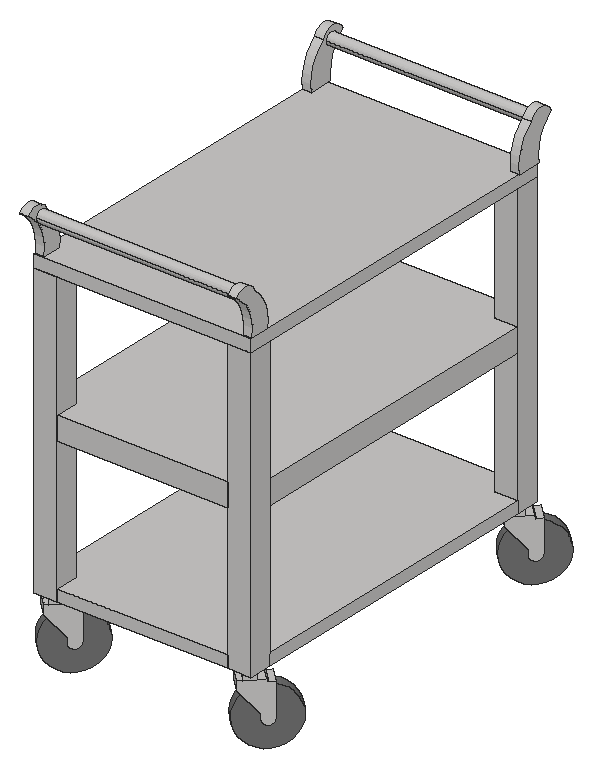
Revit family "QF_Vollrath_97102", category Specialty Equipment, Revit 2016
Family settings
  Part Type = Normal
  Round Connector Dimension = Use Diameter
  OmniClass Number = 23.40.40.14.17
  OmniClass Title = Food Cooking Equipment
  Work Plane-Based = No
  Always vertical = Yes
  Cut with Voids When Loaded = No
  Shared = No
  Room Calculation Point = No
Parameters (values of type "97102")
  Width [instance] = 18.51"
  Weight in Pounds = 44.95
  Watermarked By = "http://revitwatermark.com"
  URL Cutsheet = ""
  URL = ""
  Status [instance] = ""
  Specification by User [instance] = ""
  Specification by Manufacturer [instance] = ""
  Serial Number [instance] = ""
  Seismic Rating [instance] = ""
  Revision Code [instance] = ""
  NAFEM Spec ID Number [instance] = ""
  Model = "97102"
  Masterspec = ""
  Manufacturer = "Vollrath"
  Item Number [instance] = "-"
  Installed By [instance] = ""
  Identify Quantity as Lot [instance] = no
  Furnished By [instance] = ""
  Foodservice Equipment Identifier [instance] = yes
  Description = "Cart, Utility"
  Depth [instance] = 39.25"
  CSI MasterFormat = "11 48 13"
  Assembly Code = "E1090320"
Reference planes (in)
  plane 1 "-": y = -4.62
  plane 2: z = 0
  plane 3 "LEFT": x = 0
  plane 4 "RIGHT": x = 18.51
  plane 5 "FRONT": y = -35.12
  plane 6: z = 6
  plane 7: z = 7
  plane 8: x = 2
  plane 9: y = -6.62
  plane 10: x = 16.51
  plane 11: y = -33.12
  plane 12: y = -19.87
  plane 13 "TOP": z = 36
  plane 14: x = 0.75
  plane 15 "BACK": y = -3.15217
  plane 16: y = -36.58783
  plane 17: z = 18.26
  plane 18: z = 20.26
Forms (in)
  Extrusion 1, solid, material "QF_Finishes_Stainless Steel"
    sketch origin (0, 0, 41.59405) x (-1, 0, 0) y (0, -1, 0)
      loop
        line (0, 4.62) -> (0, 35.12) -> (-18.51, 35.12) -> (-18.51, 4.62) -> (0, 4.62)
    from -10.77 to -9.75
  Extrusion 2, solid, material "QF_Finishes_Stainless Steel"
    sketch origin (0, 0, 16.75) x (-1, 0, 0) y (0, -1, 0)
      loop
        line (0, 4.62) -> (0, 6.62) -> (-2, 6.62) -> (-2, 4.62) -> (0, 4.62)
      loop
        line (-16.51, 4.62) -> (-16.51, 6.62) -> (-18.51, 6.62) -> (-18.51, 4.62) -> (-16.51, 4.62)
      loop
        line (-16.51, 33.12) -> (-16.51, 35.12) -> (-18.51, 35.12) -> (-18.51, 33.12) -> (-16.51, 33.12)
      loop
        line (0, 33.12) -> (0, 35.12) -> (-2, 35.12) -> (-2, 33.12) -> (0, 33.12)
    from -10.75 to 14.07405
  Extrusion 3, solid, material "QF_Finishes_Stainless Steel"
    sketch origin (0, 0, 16.75) x (-1, 0, 0) y (0, -1, 0)
      loop
        line (-2, 4.62) -> (-2, 6.62) -> (0, 6.62) -> (0, 33.12) -> (-2, 33.12) -> (-2, 35.12) -> (-16.51, 35.12) -> (-16.51, 33.12) -> (-18.51, 33.12) -> (-18.51, 6.62) -> (-16.51, 6.62) -> (-16.51, 4.62) -> (-2, 4.62)
    from -10.75 to -9.75
  Extrusion 4, solid, material "QF_Finishes_Stainless Steel"
    sketch origin (0, 0.16, -0.17595) x (0, 1, 0) y (0, 0, 1)
      loop
        arc (-4.62, 32.02) -> (-4.43442, 33.935) -> (-3.31217, 35.49776) r 3.69906
        arc (-3.31217, 35.49776) -> (-4.31217, 36.17595) -> (-5.31217, 35.49776) r 1.07635
        arc (-5.31217, 35.49776) -> (-6.43442, 33.935) -> (-6.62, 32.02) r 3.69906
        line (-6.62, 32.02) -> (-4.62, 32.02)
    from 0 to 0.75294
  Extrusion 5, solid, material "QF_Finishes_Stainless Steel"
    sketch origin (17.75706, 0.16, -0.17595) x (0, 1, 0) y (0, 0, 1)
      loop
        arc (-4.62, 32.02) -> (-4.43442, 33.935) -> (-3.31217, 35.49776) r 3.69906
        arc (-3.31217, 35.49776) -> (-4.31217, 36.17595) -> (-5.31217, 35.49776) r 1.07635
        arc (-5.31217, 35.49776) -> (-6.43442, 33.935) -> (-6.62, 32.02) r 3.69906
        line (-6.62, 32.02) -> (-4.62, 32.02)
    from 0 to 0.75294
  Extrusion 6, solid, material "QF_Finishes_Stainless Steel"
    sketch origin (0, 0, 0) x (0, 1, 0) y (0, 0, 1)
      loop
        circle (-4.42092, 35.15325) r 0.5
    from 0.75294 to 17.75706
  Extrusion 7, solid, material "QF_Finishes_Stainless Steel"
    sketch origin (0, -42.9775, -0.17595) x (0, -1, 0) y (0, 0, -1)
      loop
        line (-8.03569, -32.02) -> (-9.58733, -32.02)
        arc (-9.58733, -32.02) -> (-9.40671, -33.97085) -> (-8.26275, -35.56138) r 3.73203
        arc (-8.26275, -35.56138) -> (-7.38394, -36.24622) -> (-6.38966, -35.74351) r 1.04036
        arc (-6.38966, -35.74351) -> (-7.771, -34.12857) -> (-8.03569, -32.02) r 3.69906
    from 0 to 0.75294
  Extrusion 8, solid, material "QF_Finishes_Stainless Steel"
    sketch origin (17.75706, -42.96379, -0.17595) x (0, -1, 0) y (0, 0, -1)
      loop
        line (-7.99308, -32.02) -> (-9.58511, -32.02)
        arc (-9.58511, -32.02) -> (-9.40407, -33.96802) -> (-8.26181, -35.55634) r 3.7294
        arc (-8.26181, -35.55634) -> (-7.37256, -36.24175) -> (-6.37595, -35.72472) r 1.04418
        arc (-6.37595, -35.72472) -> (-7.73532, -34.11279) -> (-7.99308, -32.02) r 3.69906
    from 0 to 0.75294
  Extrusion 9, solid, material "QF_Finishes_Stainless Steel"
    sketch origin (0, -42.68, 0) x (0, -1, 0) y (0, 0, -1)
      loop
        circle (-7.36092, -35.15325) r 0.5
    from 0.75294 to 17.75706
  Extrusion 10, solid, material "QF_Finishes_Stainless Steel"
    sketch origin (0, 0, 16.75) x (-1, 0, 0) y (0, -1, 0)
      loop
        line (-2, 35.12) -> (-16.51, 35.12) -> (-16.51, 33.12) -> (-18.51, 33.12) -> (-18.51, 6.62) -> (-16.51, 6.62) -> (-16.51, 4.62) -> (-2, 4.62) -> (-2, 6.62) -> (0, 6.62) -> (0, 33.12) -> (-2, 33.12) -> (-2, 35.12)
    from 1.51 to 3.51
Lines and regions (in)
  symbolic lines
    curve 1: line (0, -4.62, 16.75) -> (0, -35.12, 16.75)
    curve 2: line (18.51, -36.58783, 16.75) -> (18.51, -4.62, 16.75)
    curve 3: line (18.51, -36.58783, 16.75) -> (17.75706, -36.58783, 16.75)
    curve 4: line (17.75706, -36.58783, 16.75) -> (17.75706, -35.81908, 16.75)
    curve 5: line (17.75706, -35.81908, 16.75) -> (0.75294, -35.81908, 16.75)
    curve 6: line (0.75294, -35.81908, 16.75) -> (0.75294, -36.58783, 16.75)
    curve 7: line (0.75294, -36.58783, 16.75) -> (0, -36.58783, 16.75)
    curve 8: line (0, -36.58783, 16.75) -> (0, -35.12, 16.75)
    curve 9: line (0.71187, -35.12, 16.75) -> (0.71187, -34.81908, 16.75)
    curve 10: line (0.71187, -34.81908, 16.75) -> (17.75706, -34.81908, 16.75)
    curve 11: line (17.75706, -34.81908, 16.75) -> (17.75706, -35.12, 16.75)
    curve 12: line (17.75706, -35.12, 16.75) -> (0.71187, -35.12, 16.75)
    curve 13: line (18.51, -4.62, 16.75) -> (18.51, -3.15217, 16.75)
    curve 14: line (18.51, -3.15217, 16.75) -> (17.75706, -3.15217, 16.75)
    curve 15: line (17.75706, -3.15217, 16.75) -> (17.75706, -3.92092, 16.75)
    curve 16: line (17.75706, -3.92092, 16.75) -> (0.75294, -3.92092, 16.75)
    curve 17: line (0.75294, -3.92092, 16.75) -> (0.75294, -3.15217, 16.75)
    curve 18: line (0.75294, -3.15217, 16.75) -> (0, -3.15217, 16.75)
    curve 19: line (0, -3.15217, 16.75) -> (0, -4.62, 16.75)
    curve 20: line (0.75, -4.62, 16.75) -> (0.75, -4.92092, 16.75)
    curve 21: line (0.75, -4.92092, 16.75) -> (17.75706, -4.92092, 16.75)
    curve 22: line (17.75706, -4.92092, 16.75) -> (17.75706, -4.62, 16.75)
    curve 23: line (17.75706, -4.62, 16.75) -> (0.75, -4.62, 16.75)
Dimensions and locks (in)
  "Width": plane 3 "LEFT" to plane 4 "RIGHT"
  plane 9 to plane 1 "-" = 2.00"
  locked: plane 5 "FRONT" to plane 11 at 2
  plane 3 "LEFT" to plane 8 = 2.00"
  locked: plane 10 to plane 4 "RIGHT" at 2
  plane 5 "FRONT" to plane 1 "-" = 30.50"
  plane 13 "TOP" to level = 36.00"
  equal spacing: plane 1 "-", plane 12, plane 5 "FRONT"
  aligned and locked: level to plane 2
  aligned and locked: Extrusion 2 sketch curve to plane 9  (x2)
  aligned and locked: Extrusion 2 sketch curve to plane 8  (x2)
  aligned and locked: plane 1 "-" to Extrusion 2 sketch curve
  aligned and locked: plane 10 to Extrusion 2 sketch curve  (x2)
  aligned and locked: Extrusion 2 sketch curve to plane 4 "RIGHT"
  aligned and locked: plane 11 to Extrusion 2 sketch curve  (x2)
  aligned and locked: plane 3 "LEFT" to Extrusion 2 sketch curve
  aligned and locked: Extrusion 2 sketch curve to plane 5 "FRONT"
Automatic sketch dimensions
  Extrusion 2 sketch curve to plane 4 "RIGHT" = 0.00"
  Extrusion 2 sketch curve to plane 3 "LEFT" = 0.00"
  plane 1 "-" to Extrusion 2 sketch curve = 0.00"
  plane 5 "FRONT" to Extrusion 2 sketch curve = 0.00"
  Extrusion 3 sketch curve to plane 4 "RIGHT" = 0.00"
  Extrusion 3 sketch curve to plane 10 = 0.00"  (x2)
  plane 1 "-" to Extrusion 3 sketch curve = 0.00"
  Extrusion 3 sketch curve to plane 8 = 0.00"  (x2)
  plane 5 "FRONT" to Extrusion 3 sketch curve = 0.00"
  Extrusion 3 sketch curve to plane 3 "LEFT" = 0.00"
  plane 9 to Extrusion 3 sketch curve = 0.00"  (x2)
  plane 11 to Extrusion 3 sketch curve = 0.00"  (x2)
  Extrusion 4 sketch curve to plane 9 = 0.16"
  Extrusion 4 sketch curve to plane 1 "-" = 0.16"
  plane 1 "-" to Extrusion 4 sketch curve = 0.53217"
  Extrusion 4 sketch curve to plane 1 "-" = 0.46783"
  Extrusion 4 sketch curve to plane 13 "TOP" = 0.67818"
  Extrusion 4 sketch curve to Extrusion 4 sketch curve = 1.00"
  Extrusion 4 sketch curve to plane 1 "-" = 1.80791"
  Extrusion 4 sketch curve to Extrusion 4 sketch curve = 2.00"
  Extrusion 4 sketch curve to Extrusion 4 sketch curve = 0.39817"
  Extrusion 4 sketch curve to Extrusion 4 sketch curve = 2.86479"
  Extrusion 5 sketch curve to plane 9 = 0.16"
  Extrusion 5 sketch curve to plane 1 "-" = 0.16"
  plane 1 "-" to Extrusion 5 sketch curve = 0.53217"
  Extrusion 5 sketch curve to plane 1 "-" = 0.46783"
  Extrusion 5 sketch curve to plane 13 "TOP" = 0.67818"
  Extrusion 5 sketch curve to Extrusion 5 sketch curve = 1.00"
  Extrusion 5 sketch curve to plane 1 "-" = 1.80791"
  Extrusion 5 sketch curve to Extrusion 5 sketch curve = 2.00"
  Extrusion 5 sketch curve to plane 13 "TOP" = 1.07635"
  Extrusion 5 sketch curve to Extrusion 5 sketch curve = 2.86479"
  Extrusion 6 sketch curve to plane 1 "-" = 0.19908"
  Extrusion 6 sketch curve to plane 13 "TOP" = 0.84675"
  Extrusion 7 sketch curve to plane 11 = 0.27016"
  plane 5 "FRONT" to Extrusion 7 sketch curve = 0.17819"
  plane 5 "FRONT" to Extrusion 7 sketch curve = 0.40525"
  Extrusion 7 sketch curve to plane 5 "FRONT" = 0.57424"
  plane 13 "TOP" to Extrusion 7 sketch curve = 0.43244"
  Extrusion 7 sketch curve to Extrusion 7 sketch curve = 0.89359"
  Extrusion 7 sketch curve to plane 5 "FRONT" = 1.94631"
  Extrusion 7 sketch curve to Extrusion 7 sketch curve = 1.52341"
  Extrusion 7 sketch curve to Extrusion 7 sketch curve = 0.35064"
  Extrusion 7 sketch curve to Extrusion 7 sketch curve = 3.11054"
  plane 11 to Extrusion 8 sketch curve = 0.25867"
  Extrusion 8 sketch curve to plane 5 "FRONT" = 0.1493"
  Extrusion 8 sketch curve to plane 5 "FRONT" = 0.41802"
  plane 5 "FRONT" to Extrusion 8 sketch curve = 0.56409"
  Extrusion 8 sketch curve to plane 13 "TOP" = 0.45122"
  Extrusion 8 sketch curve to Extrusion 8 sketch curve = 0.90375"
  plane 5 "FRONT" to Extrusion 8 sketch curve = 1.93257"
  Extrusion 8 sketch curve to Extrusion 8 sketch curve = 1.56605"
  Extrusion 8 sketch curve to Extrusion 8 sketch curve = 0.52302"
  Extrusion 8 sketch curve to Extrusion 8 sketch curve = 3.09175"
  Extrusion 9 sketch curve to plane 5 "FRONT" = 0.19908"
  plane 13 "TOP" to Extrusion 9 sketch curve = 0.84675"
  Extrusion 1 sketch curve to plane 4 "RIGHT" = 0.00"
  Extrusion 1 sketch curve to plane 3 "LEFT" = 0.00"
  plane 1 "-" to Extrusion 1 sketch curve = 0.00"
  plane 5 "FRONT" to Extrusion 1 sketch curve = 0.00"
  plane 1 "-" to curve 13 = 0.00"
  curve 13 to plane 4 "RIGHT" = 0.00"
  plane 15 "BACK" to curve 15 = 0.00"
  curve 4 to plane 16 = 0.00"
  plane 5 "FRONT" to curve 12 = 0.00"
  plane 15 "BACK" to curve 17 = 0.00"
  curve 7 to plane 16 = 0.00"
  curve 23 to plane 14 = 0.00"
  curve 19 to plane 3 "LEFT" = 0.00"
  plane 1 "-" to curve 20 = 0.00"
  plane 1 "-" to curve 19 = 0.00"
  plane 5 "FRONT" to curve 8 = 0.00"
  curve 4 to plane 4 "RIGHT" = 0.75294"
  curve 13 to curve 15 = 0.75294"
  curve 23 to curve 15 = 0.00"
  curve 10 to plane 5 "FRONT" = 0.30092"
  curve 10 to plane 4 "RIGHT" = 0.75294"
  plane 14 to curve 16 = 0.00294"
  plane 14 to curve 7 = 0.00294"
  curve 9 to plane 14 = 0.03813"
  curve 16 to curve 22 = 0.69908"
  plane 1 "-" to curve 21 = 0.30092"
  plane 5 "FRONT" to curve 5 = 0.69908"
  Extrusion 10 sketch curve to plane 4 "RIGHT" = 0.00"
  Extrusion 10 sketch curve to plane 10 = 0.00"  (x2)
  plane 9 to Extrusion 10 sketch curve = 0.00"  (x2)
  Extrusion 10 sketch curve to plane 8 = 0.00"  (x2)
  Extrusion 10 sketch curve to plane 3 "LEFT" = 0.00"
  plane 11 to Extrusion 10 sketch curve = 0.00"  (x2)
  plane 1 "-" to Extrusion 10 sketch curve = 0.00"
  Extrusion 10 sketch curve to plane 5 "FRONT" = 0.00"
  radius of Extrusion 6 sketch curve = 0.50"
  radius of Extrusion 9 sketch curve = 0.50"
Nested families (in)
  nested 1: "FESCaster" at (1.25, -5.60981, 0), type "FESCaster"
    with Height 6.00", Caster Radius 2.50"
  nested 2: "FESCaster" at (17.5, -5.60981, 0), type "FESCaster"
    with Height 6.00", Caster Radius 2.50"
  nested 3: "FESCaster" at (17.5, -34.11977, 0), type "FESCaster"
    with Height 6.00", Caster Radius 2.50"
  nested 4: "FESCaster" at (1, -34.11977, 0), type "FESCaster"
    with Height 6.00", Caster Radius 2.50"
Definition of nested family "FESCaster"
  Parameters
    Watermarked By = "http://revitwatermark.com"
    Type Comments = "⍁⍉⌁⌀⏭⎽⌇⍠⌜⍉⎖⌥⌦⌯⍭⏊⍻⍿⍊⏵⍊⏗⏠⍴⎡⌈⎀⍠⌓⌤⏘⎐⍀⌐⏬⏁⎈⏍⏦⎒⏬⌝⍩⍇⌣〈⎫〉⎁⏊⍥⍖⍥⍝⍦⌖⍀⏌⏭⎝⎼⏷⏞⍻⏯⎽⏷⏞⍻⏯⎽⏷⎺⌻⎝⍎⌧⏷⏟⏿⌿⍜⍦⍤⌁⍬⏶⏎⍊⏚⏉⎞⌡⎀⎪⏈⌟⌿⍾⍼⌟⌿⌢⌞⏞⏝⌻⎸⎻⎷⎳⎻⎛⌞⌼⏚⍿⏸⍨⏷⍡⍺⏼⏅⎏⌽⌻⍽⎝⍮⎧⍏⏳⏲⎼⏈⏋⏙⎏⏽⏘⍹⏞⌜⏼⍴⏶⏮⏿⌁"
    Height [instance] = 6.00"
    Caster Radius [instance] = if(Height < 3.00", 1.00", (Height / 2) - 0.50")  # 2.50"
    Assembly Code = ""
  Reference planes (in)
    plane 1 "Center (Front/Back)": y = 0
    plane 2: z = 0
    plane 3 "Center (Left/Right)": x = 0
    plane 4: z = 6
    plane 5: z = 5.5
  Forms (in)
    Extrusion 1, solid
      sketch origin (-24.12131, -22.88887, 10.18833) x (0.707107, 0.707107, 0) y (0, 0, 1)
        loop
          line (34.98772, -7.68833) -> (34.98772, -4.93833) -> (34.48772, -4.93833) -> (34.39402, -4.68833) -> (32.39402, -4.68833) -> (32.39402, -5.43833) -> (33.98772, -7.34206) -> (33.98772, -7.68833)
          arc (33.98772, -7.68833) -> (34.48772, -8.18833) -> (34.98772, -7.68833) r 0.5
      from 0 to 1.75
    Extrusion 2, solid
      sketch origin (-24.32327, -23.09083, 13.31461) x (0.707107, 0.707107, 0) y (0, 0, 1)
        loop
          circle (34.77334, -10.81461) r 2.5
      from 0.375 to 1.375
    Extrusion 3, solid
      sketch origin (-7.24148, -8.48391, 0) x (0.707107, 0.707107, 0) y (0, 0, 1)
        loop
          line (10.61603, 5.5) -> (11.61603, 5.5) -> (11.61603, 6) -> (10.61603, 6) -> (10.61603, 5.5)
      from 0 to -1.75
  Lines and regions (in)
    symbolic lines
      curve 1: line (-1.26158, -0.51911, 0) -> (1.39007, 2.13254, 0)
      curve 2: line (-0.53429, -1.24639, 0) -> (2.11736, 1.40526, 0)
      curve 3: line (-1.26158, -0.51911, 0) -> (1.39007, 2.13254, 0)
      curve 4: line (-0.53429, -1.24639, 0) -> (2.11736, 1.40526, 0)
  Dimensions and locks (in)
    locked: plane 4 to plane 5 at 0.5
    "Height": plane 4 to level
    "Caster Radius": Extrusion 2 sketch curve to level
    "Caster Radius": Extrusion 1 sketch curve to level
    "Caster Radius": radius of Extrusion 2 sketch curve
    aligned and locked: plane 2 to level
    aligned and locked: Extrusion 3 to plane 5
    aligned and locked: plane 4 to Extrusion 3
    aligned and locked: plane 5 to Extrusion 1
  Automatic sketch dimensions
    plane 1 "Center (Front/Back)" to curve 3 = 0.51911"
    curve 3 to plane 3 "Center (Left/Right)" = 1.26158"
    plane 1 "Center (Front/Back)" to curve 1 = 0.51911"
    curve 1 to curve 3 = 0.00"  (x3)
    curve 4 to plane 3 "Center (Left/Right)" = 0.53429"
    curve 2 to curve 4 = 0.00"  (x2)
    plane 3 "Center (Left/Right)" to curve 3 = 1.39007"
    curve 1 to curve 4 = 0.72729"
    curve 2 to curve 1 = 0.72729"
    curve 4 to curve 2 = 0.00"  (x2)
    curve 2 to plane 1 "Center (Front/Back)" = 1.40526"
    curve 2 to curve 3 = 0.72729"
    plane 5 to Extrusion 1 sketch curve = 0.00"
    Extrusion 1 sketch curve to Extrusion 1 sketch curve = 1.5937"
    Extrusion 1 sketch curve to Extrusion 1 sketch curve = 2.00"
    Extrusion 1 sketch curve to Extrusion 1 sketch curve = 0.0937"
    Extrusion 1 sketch curve to Extrusion 1 sketch curve = 0.50"
    Extrusion 1 sketch curve to Extrusion 1 sketch curve = 0.34627"
    Extrusion 1 sketch curve to plane 5 = 0.75"
    Extrusion 1 sketch curve to plane 5 = 0.25"
    Extrusion 3 sketch curve to plane 5 = 0.00"
    plane 4 to Extrusion 3 sketch curve = 0.00"
    Extrusion 3 sketch curve to Extrusion 3 sketch curve = 1.00"
